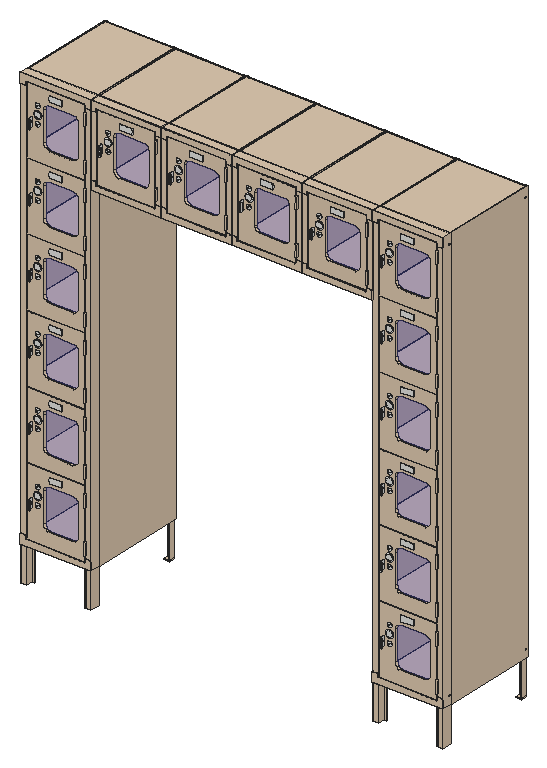
Revit family "Metal_Lockers-Salsbury_Industries-S_66000_Series-Bridge_Unit", category Specialty Equipment, Revit 2016 (continued)
Definition of nested family "Metal Locker Right Side Base"
  Types (4): name | Visible | Depth | Model | Description
    77735 Right - for 15" D Lockers with Legs | yes | 13.422" | "77735" | "1.25\"W x 6\" H x 13\"D"
    77738 Right - for 18" D Lockers with Legs | yes | 16.422" | "77738" | "1.25\"W x 6\" H x 16\"D"
    None | no | 10.422" | "" | ""
  Reference planes (in)
    plane 1 "Center (Front/Back)": y = 0
    plane 2: z = 0
    plane 3 "Center (Left/Right)": x = 5.395
    plane 4 "Floor": z = 0
    plane 5 "Top of Enclosure": z = 6
    plane 6 "Left Side of Unit": x = 4.77
    plane 7 "Right Side of Unit": x = 6.02
    plane 8 "Left Edge of Enclosure": y = -5.211
    plane 9 "Right Edge of Enclosure": y = 5.211
    plane 10 "Left Edge of Insert": y = -6.27647
    plane 11 "Right Edge of Insert": y = -5.15147
    plane 12 "Rivet Edge": x = 6.06
  Forms (in)
    Extrusion 1, solid, material <- "Primary Structure Material", visible <- "Visible"
      sketch origin (6.02, 0, 0) x (0, 0, -1) y (0, -1, 0)
        loop
          line (-6, 5.211) -> (-6, -5.211) -> (0, -5.211) -> (0, 5.211) -> (-6, 5.211)
      from 0 to 0.06
    Extrusion 2, solid, material <- "Primary Structure Material", visible <- "Visible"
      sketch origin (0, 0, 6) x (0, -1, 0) y (1, 0, 0)
        loop
          line (5.15147, 5.96) -> (5.15147, 5.9) -> (6.27647, 5.9) -> (6.27647, 5.96) -> (5.15147, 5.96)
      from -6 to 0
    Extrusion 3, solid, material <- "Primary Structure Material", visible <- "Visible"
      sketch origin (6.02, 0, 0) x (0, 0, -1) y (0, -1, 0)
        loop
          line (-6, 4.90147) -> (-6, -3.961) -> (-5.94, -3.961) -> (-5.94, 4.90147) -> (-6, 4.90147)
      from 0.06 to 1.25
    Extrusion 4, solid, material <- "Primary Structure Material", visible <- "Visible"
      sketch origin (6.02, 0, -5.94) x (0, 0, -1) y (0, -1, 0)
        loop
          line (-6, 4.90147) -> (-6, -3.961) -> (-5.94, -3.961) -> (-5.94, 4.90147) -> (-6, 4.90147)
      from 0.06 to 1.25
  Dimensions and locks (in)
    "Height": plane 5 "Top of Enclosure" to plane 4 "Floor"
    plane 10 "Left Edge of Insert" to plane 8 "Left Edge of Enclosure" to plane 11 "Right Edge of Insert" = 1.06547" locked, 0.05953" locked
    equal spacing: plane 8 "Left Edge of Enclosure", plane 1 "Center (Front/Back)", plane 9 "Right Edge of Enclosure"
    "Depth": plane 8 "Left Edge of Enclosure" to plane 9 "Right Edge of Enclosure"
    equal spacing: plane 6 "Left Side of Unit", plane 3 "Center (Left/Right)", plane 7 "Right Side of Unit"
    "Width": plane 6 "Left Side of Unit" to plane 7 "Right Side of Unit"
    locked: plane 7 "Right Side of Unit" to plane 12 "Rivet Edge" at 0.04
    "Width including Rivet": plane 6 "Left Side of Unit" to plane 12 "Rivet Edge"
    aligned and locked: level to plane 2
    aligned and locked: plane 11 "Right Edge of Insert" to Extrusion 2
    aligned and locked: plane 10 "Left Edge of Insert" to Extrusion 2
    aligned and locked: Extrusion 3 to Extrusion 1
    aligned and locked: plane 6 "Left Side of Unit" to Extrusion 3
  Automatic sketch dimensions
    plane 5 "Top of Enclosure" to Extrusion 1 sketch curve = 0.000"
    Extrusion 1 sketch curve to level = 0.000"
    Extrusion 2 sketch curve to plane 8 "Left Edge of Enclosure" = 0.05953"
    plane 7 "Right Side of Unit" to Extrusion 2 sketch curve = 0.120"
    Extrusion 2 sketch curve to Extrusion 2 sketch curve = 0.060"
    Extrusion 1 sketch curve to plane 8 "Left Edge of Enclosure" = 0.000"
    Extrusion 1 sketch curve to plane 9 "Right Edge of Enclosure" = 0.000"
    plane 10 "Left Edge of Insert" to Extrusion 2 sketch curve = 0.000"
    plane 5 "Top of Enclosure" to Extrusion 3 sketch curve = 0.000"
    Extrusion 3 sketch curve to Extrusion 3 sketch curve = 0.060"
    plane 9 "Right Edge of Enclosure" to Extrusion 3 sketch curve = 1.250"
    Extrusion 3 sketch curve to plane 11 "Right Edge of Insert" = 0.250"
    Extrusion 4 sketch curve to level = 0.000"
    level to Extrusion 4 sketch curve = 0.060"
    plane 9 "Right Edge of Enclosure" to Extrusion 4 sketch curve = 1.250"
    Extrusion 4 sketch curve to plane 11 "Right Edge of Insert" = 0.250"
Definition of nested family "Metal Locker Left Side Base"
  Parameters (values of type "77732 Left - for 12" D Lockers with Legs")
    Width including Rivet [instance] = 1.290"
    Visible = yes
    Primary Structure Material = none
    Depth = 10.422"
    Version = "1.0 (11/30/15)"
    Type Comments = "End Base for Standard Metal Lockers"
    Model = "77732"
    MasterFormat Title = ""
    MasterFormat Number = ""
    Manufacturer = "Salsbury Industries"
    Description = "1.25\"W x 6\" H x 10\"D"
    Width = 1.250"
    Height = 6.000"
    Assembly Code = ""
  Types (4): name | Visible | Depth | Model | Description
    77732 Left - for 12" D Lockers with Legs | yes | 10.422" | "77732" | "1.25\"W x 6\" H x 10\"D"
    77735 Left - for 15" D Lockers with Legs | yes | 13.422" | "77735" | "1.25\"W x 6\" H x 13\"D"
    77738 Left - for 18" D Lockers with Legs | yes | 16.422" | "77738" | "1.25\"W x 6\" H x 16\"D"
    None | no | 10.422" | "" | ""
  Reference planes (in)
    plane 1 "Center (Front/Back)": y = 0
    plane 2: z = 0
    plane 3 "Center (Left/Right)": x = 5.395
    plane 4 "Floor": z = 0
    plane 5 "Top of Enclosure": z = 6
    plane 6 "Left Side of Unit": x = 4.77
    plane 7 "Right Side of Unit": x = 6.02
    plane 8 "Left Edge of Enclosure": y = -5.211
    plane 9 "Right Edge of Enclosure": y = 5.211
    plane 10 "Left Edge of Insert": y = -6.27647
    plane 11 "Right Edge of Insert": y = -5.15147
    plane 12 "Edge of Rivet": x = 4.73
  Forms (in)
    Extrusion 1, solid, material <- "Primary Structure Material", visible <- "Visible"
      sketch origin (6.02, 0, 0) x (0, 0, -1) y (0, -1, 0)
        loop
          line (-6, 4.90147) -> (-6, -3.961) -> (-5.94, -3.961) -> (-5.94, 4.90147) -> (-6, 4.90147)
      from 0 to 1.19
    Extrusion 2, solid, material <- "Primary Structure Material", visible <- "Visible"
      sketch origin (6.02, 0, -5.94) x (0, 0, -1) y (0, -1, 0)
        loop
          line (-6, 4.90147) -> (-6, -3.961) -> (-5.94, -3.961) -> (-5.94, 4.90147) -> (-6, 4.90147)
      from 0 to 1.19
    Extrusion 3, solid, material <- "Primary Structure Material", visible <- "Visible"
      sketch origin (4.77, 0, 0) x (0, 0, -1) y (0, 1, 0)
        loop
          line (-6, -5.211) -> (0, -5.211) -> (0, 5.211) -> (-6, 5.211) -> (-6, -5.211)
      from 0 to 0.06
    Extrusion 4, solid, material <- "Primary Structure Material", visible <- "Visible"
      sketch origin (10.79, 0, 6) x (0, -1, 0) y (1, 0, 0)
        loop
          line (5.15147, -5.96) -> (6.27647, -5.96) -> (6.27647, -5.9) -> (5.15147, -5.9) -> (5.15147, -5.96)
      from -6 to 0
  Dimensions and locks (in)
    "Height": plane 5 "Top of Enclosure" to plane 4 "Floor"
    plane 10 "Left Edge of Insert" to plane 8 "Left Edge of Enclosure" to plane 11 "Right Edge of Insert" = 1.06547" locked, 0.05953" locked
    equal spacing: plane 8 "Left Edge of Enclosure", plane 1 "Center (Front/Back)", plane 9 "Right Edge of Enclosure"
    "Depth": plane 8 "Left Edge of Enclosure" to plane 9 "Right Edge of Enclosure"
    equal spacing: plane 6 "Left Side of Unit", plane 3 "Center (Left/Right)", plane 7 "Right Side of Unit"
    "Width": plane 6 "Left Side of Unit" to plane 7 "Right Side of Unit"
    "Width including Rivet": plane 12 "Edge of Rivet" to plane 7 "Right Side of Unit"
    plane 12 "Edge of Rivet" to plane 6 "Left Side of Unit" = 0.040"
    aligned and locked: level to plane 2
    aligned and locked: Extrusion 1 to Extrusion 3
    aligned and locked: Extrusion 2 to Extrusion 3
  Automatic sketch dimensions
    plane 5 "Top of Enclosure" to Extrusion 1 sketch curve = 0.000"
    Extrusion 1 sketch curve to Extrusion 1 sketch curve = 0.060"
    plane 9 "Right Edge of Enclosure" to Extrusion 1 sketch curve = 1.250"
    Extrusion 1 sketch curve to plane 11 "Right Edge of Insert" = 0.250"
    Extrusion 2 sketch curve to level = 0.000"
    level to Extrusion 2 sketch curve = 0.060"
    plane 9 "Right Edge of Enclosure" to Extrusion 2 sketch curve = 1.250"
    Extrusion 2 sketch curve to plane 11 "Right Edge of Insert" = 0.250"
    plane 5 "Top of Enclosure" to Extrusion 3 sketch curve = 0.000"
    Extrusion 3 sketch curve to level = 0.000"
    Extrusion 3 sketch curve to plane 8 "Left Edge of Enclosure" = 0.000"
    Extrusion 3 sketch curve to plane 9 "Right Edge of Enclosure" = 0.000"
    plane 11 "Right Edge of Insert" to Extrusion 4 sketch curve = 0.000"
    plane 10 "Left Edge of Insert" to Extrusion 4 sketch curve = 0.000"
    plane 6 "Left Side of Unit" to Extrusion 4 sketch curve = 0.120"
    Extrusion 4 sketch curve to Extrusion 4 sketch curve = 0.060"
Definition of nested family "Metal Locker End Panel"
  Parameters (values of type "77362 - for 6' H x 12" D Lockers")
    Width = 0.925"
    Visible = yes
    Version = "1.0 (11/30/15)"
    Type Comments = "Finished End Panel for Standard Metal Lockers"
    Primary Structure Material = none
    Model = "77362"
    MasterFormat Title = ""
    MasterFormat Number = ""
    Manufacturer = "Salsbury Industries"
    Height = 72.000"
    Description = "End Panel for 6' H x 12\" Deep Lockers"
    Depth = 12.010"
    Assembly Code = ""
  Types (7): name | Visible | Model | Height | Description | Depth
    77362 - for 6' H x 12" D Lockers | yes | "77362" | 72.000" | "End Panel for 6' H x 12\" Deep Lockers" | 12.010"
    77365 - for 6' H x 15" D Lockers | yes | "77365" | 72.000" | "End Panel for 6' H x 15\" Deep Lockers" | 15.010"
    77368 - for 6' H X 18" D Lockers | yes | "77368" | 72.000" | "End Panel for 6' H x 18\" Deep Lockers" | 18.010"
    77352 - for 5' H x 12" D Lockers | yes | "77352" | 60.000" | "End Panel for 5' H x 12\" Deep Lockers" | 12.010"
    77355 - for 5' H x 15" D Lockers | yes | "77355" | 60.000" | "End Panel for 5' H x 15\" Deep Lockers" | 15.010"
    77358 - for 5' H x 18" D Lockers | yes | "77358" | 60.000" | "End Panel for 5' H x 18\" Deep Lockers" | 18.010"
    None | no | "n/a" | 72.000" | "" | 12.010"
  Reference planes (in)
    plane 1 "Center (Front/Back)": y = -2.167
    plane 2: z = 0
    plane 3 "Center (Left/Right)": x = -4.595
    plane 4 "Bottom of Panel": z = 0
    plane 5 "Top of Panel": z = 72
    plane 6 "Front of Panel": y = -8.172
    plane 7 "Right Side of Enclosure": x = -4.1325
    plane 8 "Left Side of Enclosure": x = -5.0575
    plane 9 "Back of Panel": y = 3.838
    plane 10: z = 36
    plane 11: z = 70.283
    plane 12: z = 1.717
    plane 13 "Outside Edge of Front Flap": y = -8.23214
    plane 14 "Outside Edge of Back Flap": y = 3.898
  Forms (in)
    Extrusion 1, solid, material <- "Primary Structure Material", visible <- "Visible"
      sketch origin (-4.1325, 0.48244, 0) x (0, 0, -1) y (0, -1, 0)
        loop
          line (-72, 8.71458) -> (-72, -3.41556) -> (0, -3.41556) -> (0, 8.71458) -> (-72, 8.71458)
      from 0 to -0.06
    Extrusion 2, solid, material <- "Primary Structure Material", visible <- "Visible"
      sketch origin (0, 3.838, 0) x (0, 0, -1) y (1, 0, 0)
        loop
          line (-72, -5.0575) -> (0, -5.0575) -> (0, -4.1325) -> (-72, -4.1325) -> (-72, -5.0575)
      from 0 to -0.06
    Extrusion 3, solid, material <- "Primary Structure Material", visible <- "Visible"
      sketch origin (0, -8.172, 0) x (1, 0, 0) y (0, 0, 1)
        loop
          line (-5.0575, 70.283) -> (-5.0575, 1.717) -> (-4.1325, 1.717) -> (-4.1325, 70.283) -> (-5.0575, 70.283)
      from 0.06014 to 0
  Dimensions and locks (in)
    equal spacing: plane 6 "Front of Panel", plane 1 "Center (Front/Back)", plane 9 "Back of Panel"
    "Depth": plane 6 "Front of Panel" to plane 9 "Back of Panel"
    equal spacing: plane 8 "Left Side of Enclosure", plane 3 "Center (Left/Right)", plane 7 "Right Side of Enclosure"
    "Width": plane 8 "Left Side of Enclosure" to plane 7 "Right Side of Enclosure"
    equal spacing: plane 5 "Top of Panel", plane 10, plane 2
    "Height": plane 5 "Top of Panel" to plane 2
    locked: plane 5 "Top of Panel" to plane 11 at 1.717
    locked: plane 13 "Outside Edge of Front Flap" to plane 6 "Front of Panel" at 0.06014
    locked: plane 9 "Back of Panel" to plane 14 "Outside Edge of Back Flap" at 0.06
    aligned and locked: level to plane 2
    aligned and locked: plane 5 "Top of Panel" to Extrusion 1 sketch curve
    aligned and locked: plane 5 "Top of Panel" to Extrusion 2 sketch curve
    aligned and locked: Extrusion 2 to plane 9 "Back of Panel"
    aligned and locked: plane 11 to Extrusion 3 sketch curve
    aligned and locked: plane 6 "Front of Panel" to Extrusion 3
    aligned and locked: plane 14 "Outside Edge of Back Flap" to Extrusion 2
    aligned and locked: Extrusion 1 to plane 14 "Outside Edge of Back Flap"
    aligned and locked: plane 13 "Outside Edge of Front Flap" to Extrusion 3
    aligned and locked: Extrusion 2 to plane 7 "Right Side of Enclosure"
    aligned and locked: Extrusion 3 to plane 7 "Right Side of Enclosure"
  Automatic sketch dimensions
    Extrusion 1 sketch curve to level = 0.000"
    Extrusion 2 sketch curve to level = 0.000"
    plane 8 "Left Side of Enclosure" to Extrusion 2 sketch curve = 0.000"
    plane 7 "Right Side of Enclosure" to Extrusion 2 sketch curve = 0.000"
    plane 8 "Left Side of Enclosure" to Extrusion 3 sketch curve = 0.000"
    Extrusion 3 sketch curve to plane 12 = 0.000"
    plane 7 "Right Side of Enclosure" to Extrusion 3 sketch curve = 0.000"
    Extrusion 1 sketch curve to plane 14 "Outside Edge of Back Flap" = 0.000"
    plane 6 "Front of Panel" to Extrusion 1 sketch curve = 0.06014"
Definition of nested family "Metal Locker Front Filler"
  Parameters (values of type "77869 - for 6' H Lockers (Zee Base or No Legs)")
    Width = 9.000"
    Visible = yes
    Version = "1.0 (11/30/15)"
    Type Comments = "Vertical Front Filler for Standard Metal Lockers"
    Primary Structure Material = none
    Model = "77865"
    MasterFormat Title = ""
    MasterFormat Number = ""
    Manufacturer = "Salsbury Industries"
    Height = 72.000"
    Description = "9\" W Vertical Front Filler for 6' H Lockers"
    Depth = 1.500"
    Assembly Code = ""
  Types (9): name | Width | Visible | Model | Height | Description | Depth
    77865 - for 6' H Lockers with Legs | 15.000" | yes | "77865" | 78.000" | "15\" W Vertical Front Filler for 6' H Lockers" | 1.000"
    77869 - for 6' H Lockers with Legs | 9.000" | yes | "77865" | 78.000" | "9\" W Vertical Front Filler for 6' H Lockers" | 1.000"
    77855 - for 5' H Lockers with Legs | 15.000" | yes | "77855" | 66.000" | "15\" W Vertical Front Filler for 5' H Lockers" | 1.000"
    77859 - for 5' H Lockers with Legs | 9.000" | yes | "77859" | 66.000" | "9\" W Vertical Front Filler for 5' H Lockers" | 1.000"
    None | 15.000" | no | "n/a" | 78.000" | "" | 1.500"
    77865 - for 6' H Lockers (Zee Base or No Legs) | 15.000" | yes | "77865" | 72.000" | "15\" W Vertical Front Filler for 6' H Lockers" | 1.000"
    77869 - for 6' H Lockers (Zee Base or No Legs) | 9.000" | yes | "77865" | 72.000" | "9\" W Vertical Front Filler for 6' H Lockers" | 1.500"
    77859 - for 5' H Lockers (Zee Base or No Legs) | 9.000" | yes | "77859" | 60.000" | "9\" W Vertical Front Filler for 5' H Lockers" | 1.000"
    77855 - for 5' H Lockers (Zee Base or No Legs) | 15.000" | yes | "77855" | 60.000" | "15\" W Vertical Front Filler for 5' H Lockers" | 1.000"
  Reference planes (in)
    plane 1 "Center (Front/Back)": y = -2.167
    plane 2: z = 0
    plane 3 "Center (Left/Right)": x = -4.595
    plane 4 "Bottom of Filler": z = 0
    plane 5 "Top of Panel": z = 72
    plane 6 "Front of Filler": y = -2.917
    plane 7 "Right Side of Filler": x = -0.095
    plane 8 "Left Side of Filler": x = -9.095
    plane 9 "Back of Filler": y = -1.417
    plane 10: z = 36
  Forms (in)
    Extrusion 1, solid, material <- "Primary Structure Material", visible <- "Visible"
      sketch origin (0, 0, 0) x (0, -1, 0) y (1, 0, 0)
        loop
          line (1.417, -9.095) -> (2.917, -9.095) -> (2.917, -1.095) -> (2.869, -1.095) -> (2.869, -9.047) -> (1.417, -9.047) -> (1.417, -9.095)
      from 0 to 72
    Extrusion 2, solid, material <- "Primary Structure Material", visible <- "Visible"
      sketch origin (0, -0.20425, 0) x (0, -1, 0) y (1, 0, 0)
        loop
          line (1.30875, -0.095) -> (1.30875, -0.143) -> (2.76075, -0.143) -> (2.76075, -1.595) -> (2.80875, -1.595) -> (2.80875, -0.095) -> (1.30875, -0.095)
      from 0 to 72
    Extrusion 3, solid, material <- "Primary Structure Material", visible <- "Visible"
      sketch origin (0, 0.10825, 0) x (0, -1, 0) y (1, 0, 0)
        loop
          line (3.07325, -1.595) -> (3.07325, -0.82524) -> (3.02525, -0.82524) -> (3.02525, -1.376) -> (3.02525, -1.449) -> (3.02525, -1.522) -> (3.02525, -1.595) -> (3.07325, -1.595)
      from 0 to 72
    Extrusion 4, solid, material <- "Primary Structure Material", visible <- "Visible"
      sketch origin (0, 0, 0) x (0, -1, 0) y (1, 0, 0)
        loop
          line (2.917, -0.82524) -> (2.821, -0.82524) -> (2.821, -1.80024) -> (2.869, -1.80024) -> (2.869, -0.87324) -> (2.917, -0.87324) -> (2.917, -0.82524)
      from 0 to 72
  Dimensions and locks (in)
    equal spacing: plane 6 "Front of Filler", plane 1 "Center (Front/Back)", plane 9 "Back of Filler"
    "Depth": plane 6 "Front of Filler" to plane 9 "Back of Filler"
    equal spacing: plane 8 "Left Side of Filler", plane 3 "Center (Left/Right)", plane 7 "Right Side of Filler"
    "Width": plane 8 "Left Side of Filler" to plane 7 "Right Side of Filler"
    equal spacing: plane 5 "Top of Panel", plane 10, plane 2
    "Height": plane 5 "Top of Panel" to plane 2
    aligned and locked: level to plane 2
    aligned and locked: Extrusion 1 to plane 5 "Top of Panel"
    aligned and locked: Extrusion 2 to plane 5 "Top of Panel"
    aligned and locked: Extrusion 3 to plane 5 "Top of Panel"
    aligned and locked: Extrusion 4 to plane 5 "Top of Panel"
  Automatic sketch dimensions
    plane 9 "Back of Filler" to Extrusion 1 sketch curve = 0.000"
    plane 6 "Front of Filler" to Extrusion 1 sketch curve = 0.000"
    Extrusion 1 sketch curve to plane 8 "Left Side of Filler" = 0.000"
    Extrusion 1 sketch curve to plane 6 "Front of Filler" = 0.048"
    Extrusion 1 sketch curve to Extrusion 1 sketch curve = 0.048"
    plane 7 "Right Side of Filler" to Extrusion 1 sketch curve = 1.000"
    Extrusion 2 sketch curve to plane 7 "Right Side of Filler" = 0.000"
    plane 7 "Right Side of Filler" to Extrusion 2 sketch curve = 0.048"
    plane 9 "Back of Filler" to Extrusion 2 sketch curve = 0.096"
    plane 6 "Front of Filler" to Extrusion 2 sketch curve = 0.048"
    Extrusion 2 sketch curve to Extrusion 2 sketch curve = 0.048"
    Extrusion 2 sketch curve to Extrusion 2 sketch curve = 1.452"
    plane 6 "Front of Filler" to Extrusion 3 sketch curve = 0.000"
    plane 7 "Right Side of Filler" to Extrusion 3 sketch curve = 1.500"
    Extrusion 3 sketch curve to Extrusion 3 sketch curve = 0.073"  (x3)
    Extrusion 3 sketch curve to Extrusion 3 sketch curve = 0.55076"
    Extrusion 3 sketch curve to Extrusion 3 sketch curve = 0.048"
    plane 6 "Front of Filler" to Extrusion 4 sketch curve = 0.000"
    Extrusion 4 sketch curve to plane 6 "Front of Filler" = 0.048"
    Extrusion 4 sketch curve to Extrusion 4 sketch curve = 0.048"  (x2)
    plane 7 "Right Side of Filler" to Extrusion 4 sketch curve = 1.70524"
    plane 7 "Right Side of Filler" to Extrusion 4 sketch curve = 0.77824"
Definition of nested family "Metal Locker Flat Top Filler"
  Parameters (values of type "77842 - for 12" Deep Lockers (15" W)")
    Width = 16.250"
    Visible = yes
    Version = "1.0 (11/30/15)"
    Type Comments = "Flat Top Filler for Standard Metal Lockers"
    Primary Structure Material = none
    Model = "77842"
    MasterFormat Title = ""
    MasterFormat Number = ""
    Manufacturer = "Salsbury Industries"
    Height = 1.003"
    Description = "15\"W Flat Top In-Line Filler"
    Depth = 12.118"
    Assembly Code = ""
  Types (7): name | Width | Visible | Model | Depth
    77842 - for 12" Deep Lockers (15" W) | 16.250" | yes | "77842" | 12.118"
    77842 - for 12" Deep Lockers (9" W) | 10.250" | yes | "77842" | 12.118"
    77845 - for 15" Deep Lockers (15" W) | 16.250" | yes | "77845" | 15.118"
    77845 - for 15" Deep Lockers (9" W) | 10.250" | yes | "77845" | 15.118"
    77848 - for 18" Deep Lockers (15" W) | 16.250" | yes | "77848" | 18.118"
    77848 - for 18" Deep Lockers (9" W) | 10.250" | yes | "77848" | 18.118"
    None | 16.250" | no | "" | 12.118"
  Reference planes (in)
    plane 1 "Center (Front/Back)": y = -2.167
    plane 2: z = 0
    plane 3 "Center (Left/Right)": x = -4.595
    plane 4 "Bottom of Panel": z = 0
    plane 5 "Top of Panel": z = 1.003
    plane 6 "Front of Panel": y = -8.226
    plane 7 "Right Side of Enclosure": x = 3.53
    plane 8 "Left Side of Enclosure": x = -12.72
    plane 9 "Back of Panel": y = 3.892
    plane 10: z = 0.5015
  Forms (in)
    Extrusion 1, solid, material <- "Primary Structure Material", visible <- "Visible"
      sketch origin (-4.595, 0, 0) x (0, 1, 0) y (0, 0, 1)
        loop
          line (-8.226, 0) -> (-8.178, 0) -> (-8.178, 0.955) -> (3.892, 0.955) -> (3.892, 1.003) -> (-8.226, 1.003) -> (-8.226, 0)
      from -8.125 to 8.125
  Dimensions and locks (in)
    equal spacing: plane 6 "Front of Panel", plane 1 "Center (Front/Back)", plane 9 "Back of Panel"
    "Depth": plane 6 "Front of Panel" to plane 9 "Back of Panel"
    equal spacing: plane 8 "Left Side of Enclosure", plane 3 "Center (Left/Right)", plane 7 "Right Side of Enclosure"
    "Width": plane 8 "Left Side of Enclosure" to plane 7 "Right Side of Enclosure"
    equal spacing: plane 5 "Top of Panel", plane 10, plane 2
    "Height": plane 5 "Top of Panel" to plane 2
    aligned and locked: level to plane 2
    aligned and locked: Extrusion 1 to plane 7 "Right Side of Enclosure"
    aligned and locked: plane 8 "Left Side of Enclosure" to Extrusion 1
    aligned and locked: plane 6 "Front of Panel" to Extrusion 1
    aligned and locked: Extrusion 1 to plane 9 "Back of Panel"
  Automatic sketch dimensions
    plane 5 "Top of Panel" to Extrusion 1 sketch curve = 0.000"
    Extrusion 1 sketch curve to plane 6 "Front of Panel" = 0.000"
    Extrusion 1 sketch curve to level = 0.000"
    Extrusion 1 sketch curve to plane 9 "Back of Panel" = 0.000"
    Extrusion 1 sketch curve to plane 6 "Front of Panel" = 0.048"
    plane 5 "Top of Panel" to Extrusion 1 sketch curve = 0.048"
Definition of nested family "Metal Locker Flat Corner Filler"
  Parameters (values of type "77832 - for 12" Deep Lockers")
    Width = 12.625"
    Visible = yes
    Version = "1.0 (11/30/15)"
    Type Comments = "Flat Top Corner Filler for Standard Metal Lockers"
    Primary Structure Material = none
    Model = "77832"
    MasterFormat Title = ""
    MasterFormat Number = ""
    Manufacturer = "Salsbury Industries"
    Height = 0.048"
    Description = "12\"W Flat Top Corner Filler"
    Depth = 12.625"
    Assembly Code = ""
  Types (4): name | Width | Visible | Model | Description | Depth
    77832 - for 12" Deep Lockers | 12.625" | yes | "77832" | "12\"W Flat Top Corner Filler" | 12.625"
    77835 - for 15" Deep Lockers | 15.625" | yes | "77835" | "15\"W Flat Top Corner Filler" | 15.625"
    77838 - for 18" Deep Lockers | 18.625" | yes | "77838" | "18\"W Flat Top Corner Filler" | 18.625"
    None | 12.625" | no | "" | "" | 12.625"
  Reference planes (in)
    plane 1 "Center (Front/Back)": y = -2.167
    plane 2: z = 0
    plane 3 "Center (Left/Right)": x = -4.595
    plane 4 "Bottom of Panel": z = 0
    plane 5 "Top of Panel": z = 0.048
    plane 6 "Front of Panel": y = -8.4795
    plane 7 "Right Side of Enclosure": x = 1.7175
    plane 8 "Left Side of Enclosure": x = -10.9075
    plane 9 "Back of Panel": y = 4.1455
    plane 10: z = 0.024
  Forms (in)
    Extrusion 1, solid, material <- "Primary Structure Material", visible <- "Visible"
      sketch origin (0, 0, 0) x (0, -1, 0) y (1, 0, 0)
        loop
          line (7.8545, -10.9075) -> (7.8545, -10.2825) -> (8.4795, -10.2825) -> (8.4795, 1.7175) -> (-4.1455, 1.7175) -> (-4.1455, -10.9075) -> (7.8545, -10.9075)
      from 0 to 0.048
  Dimensions and locks (in)
    equal spacing: plane 6 "Front of Panel", plane 1 "Center (Front/Back)", plane 9 "Back of Panel"
    "Depth": plane 6 "Front of Panel" to plane 9 "Back of Panel"
    equal spacing: plane 8 "Left Side of Enclosure", plane 3 "Center (Left/Right)", plane 7 "Right Side of Enclosure"
    "Width": plane 8 "Left Side of Enclosure" to plane 7 "Right Side of Enclosure"
    equal spacing: plane 5 "Top of Panel", plane 10, plane 2
    "Height": plane 5 "Top of Panel" to plane 2
    aligned and locked: level to plane 2
    aligned and locked: Extrusion 1 to plane 9 "Back of Panel"
    aligned and locked: plane 6 "Front of Panel" to Extrusion 1
    aligned and locked: Extrusion 1 to plane 7 "Right Side of Enclosure"
    aligned and locked: plane 8 "Left Side of Enclosure" to Extrusion 1
  Automatic sketch dimensions
    Extrusion 1 sketch curve to plane 8 "Left Side of Enclosure" = 0.000"
    plane 9 "Back of Panel" to Extrusion 1 sketch curve = 0.000"
    plane 6 "Front of Panel" to Extrusion 1 sketch curve = 0.000"
    Extrusion 1 sketch curve to plane 7 "Right Side of Enclosure" = 0.000"
    Extrusion 1 sketch curve to plane 8 "Left Side of Enclosure" = 0.625"
    Extrusion 1 sketch curve to plane 6 "Front of Panel" = 0.625"
Definition of nested family "Metal Locker Sloping Top Filler"
  Parameters (values of type "77882 - for 12" Deep Lockers (15" W)")
    Width = 16.250"
    Visible = yes
    Version = "1.0 (11/30/15)"
    Type Comments = "Sloping Hood In-Line Filler for Standard Metal Lockers"
    Slope Angle = 28.761°
    Primary Structure Material = none
    Model = "77882"
    MasterFormat Title = ""
    MasterFormat Number = ""
    Manufacturer = "Salsbury Industries"
    Height = 1.003"
    Description = "15\"W Sloping Hood In-Line Filler"
    Depth = 12.118"
    Assembly Code = ""
  Types (7): name | Width | Visible | Type Comments | Slope Angle | Model | Description | Depth
    77882 - for 12" Deep Lockers (15" W) | 16.250" | yes | "Sloping Hood In-Line Filler for Standard Metal Lockers" | 28.761° | "77882" | "15\"W Sloping Hood In-Line Filler" | 12.118"
    77882 - for 12" Deep Lockers (9" W) | 10.250" | yes | "Sloping Hood In-Line Filler for Standard Metal Lockers" | 28.761° | "77882" | "15\"W Sloping Hood In-Line Filler" | 12.118"
    77885 - for 15" Deep Lockers (15" W) | 16.250" | yes | "Sloping Hood In-Line Filler for Standard Metal Lockers" | 29.946° | "77885" | "15\"W Sloping Hood In-Line Filler" | 15.118"
    77885 - for 15" Deep Lockers (9" W) | 10.250" | yes | "Sloping Hood In-Line Filler for Standard Metal Lockers" | 29.946° | "77885" | "15\"W Sloping Hood In-Line Filler" | 15.118"
    77888 - for 18" Deep Lockers (15" W) | 16.250" | yes | "Sloping Hood In-Line Filler for Standard Metal Lockers" | 30.723° | "77888" | "15\"W Sloping Hood In-Line Filler" | 18.118"
    77888 - for 18" Deep Lockers (9" W) | 10.250" | yes | "Sloping Hood In-Line Filler for Standard Metal Lockers" | 30.723° | "77888" | "15\"W Sloping Hood In-Line Filler" | 18.118"
    None | 16.250" | no | "Sloping Hood for Standard Metal Lockers" | 28.761° | "" | "" | 12.118"
  Reference planes (in)
    plane 1 "Center (Front/Back)": y = -2.167
    plane 2: z = 0
    plane 3 "Center (Left/Right)": x = -4.595
    plane 4 "Bottom of Panel": z = 0
    plane 5 "Top of Panel": z = 1.003
    plane 6 "Front of Panel": y = -8.226
    plane 7 "Right Side of Enclosure": x = 3.53
    plane 8 "Left Side of Enclosure": x = -12.72
    plane 9 "Back of Panel": y = 3.892
    plane 10: z = 0.5015
    plane 11: through (0, -7.6072, 0.33964) normal (0, -0.4812, 0.8766)
    plane 12: through (0, -7.72698, 0.21914) normal (0, -0.4812, 0.8766)
  Forms (in)
    Extrusion 1, solid, material <- "Primary Structure Material", visible <- "Visible"
      sketch origin (-4.595, 0, 0) x (0, 1, 0) y (0, 0, 1)
        loop
          line (3.892, 6.65119) -> (-8.226, 0) -> (-8.226, -1.028) -> (-8.178, -1.028) -> (-8.178, -0.02841) -> (3.892, 6.59643) -> (3.892, 6.65119)
      from -8.125 to 8.125
  Dimensions and locks (in)
    equal spacing: plane 6 "Front of Panel", plane 1 "Center (Front/Back)", plane 9 "Back of Panel"
    "Depth": plane 6 "Front of Panel" to plane 9 "Back of Panel"
    equal spacing: plane 8 "Left Side of Enclosure", plane 3 "Center (Left/Right)", plane 7 "Right Side of Enclosure"
    "Width": plane 8 "Left Side of Enclosure" to plane 7 "Right Side of Enclosure"
    equal spacing: plane 5 "Top of Panel", plane 10, plane 2
    "Height": plane 5 "Top of Panel" to plane 2
    locked: plane 11 to plane 12 at 0.048
    "Slope Angle": angle plane 4 "Bottom of Panel" to plane 11
    aligned and locked: level to plane 2
    aligned and locked: plane 11 to Extrusion 1 sketch curve
    aligned and locked: plane 12 to Extrusion 1 sketch curve
    aligned and locked: Extrusion 1 to plane 7 "Right Side of Enclosure"
    aligned and locked: plane 8 "Left Side of Enclosure" to Extrusion 1
  Automatic sketch dimensions
    Extrusion 1 sketch curve to plane 6 "Front of Panel" = 0.000"
    Extrusion 1 sketch curve to Extrusion 1 sketch curve = 0.99959"
    Extrusion 1 sketch curve to level = 0.02841"
    Extrusion 1 sketch curve to plane 9 "Back of Panel" = 0.000"
Definition of nested family "Metal Locker Sloping Corner Filler"
  Parameters (values of type "77872 - for 12" Deep Lockers")
    Width = 12.695"
    Visible = yes
    Version = "1.0 (11/30/15)"
    Type Comments = "Sloping Hood Corner Filler for Standard Metal Lockers"
    Slope Angle 2 = 28.761°
    Slope Angle 1 = 28.761°
    Primary Structure Material = none
    Model = "77872"
    MasterFormat Title = ""
    MasterFormat Number = ""
    Manufacturer = "Salsbury Industries"
    Height = 6.87897"
    Description = "12\"D Sloping Hood Corner Filler"
    Depth = 12.695"
    Assembly Code = ""
  Types (4): name | Width | Visible | Slope Angle 2 | Slope Angle 1 | Model | Description | Depth
    77872 - for 12" Deep Lockers | 12.695" | yes | 28.761° | 28.761° | "77872" | "12\"D Sloping Hood Corner Filler" | 12.695"
    77875 - for 15" Deep Lockers | 15.695" | yes | 29.946° | 29.946° | "77875" | "15\"D Sloping Hood Corner Filler" | 15.695"
    77878 - for 18" Deep Lockers | 18.695" | yes | 30.723° | 30.723° | "77878" | "18\"D Sloping Hood Corner Filler" | 18.695"
    None | 12.695" | no | 28.723° | 28.723° | "" | "" | 12.695"
  Reference planes (in)
    plane 1 "Center (Front/Back)": y = -2.167
    plane 2: z = 0
    plane 3 "Center (Left/Right)": x = -4.595
    plane 4 "Bottom of Panel": z = 0
    plane 5 "Top of Panel": z = 6.87897
    plane 6 "Front of Panel": y = -8.5145
    plane 7 "Right Side of Enclosure": x = 1.7525
    plane 8 "Left Side of Enclosure": x = -10.9425
    plane 9 "Back of Panel": y = 4.1805
    plane 10 "Center Top/Bottom": z = 3.43948
    plane 11 "Slope 1": through (0, -7.42276, 0.59922) normal (0, -0.4812, 0.8766)
    plane 12: through (0, -7.54254, 0.47872) normal (0, -0.4812, 0.8766)
    plane 13 "Diagonal Plane": through (-10.86131, 4.09969, 48) normal (0.7071, 0.7071, 0)
    plane 14 "Cutout Plane 1": y = -7.8895
    plane 15 "Cutout Plane 2": x = 1.1275
    plane 16 "Slope 2": through (1.43902, -180, 0.17206) normal (-0.4812, 0, -0.8766)
    plane 17: through (5.04554, -180, -1.86199) normal (-0.4812, 0, -0.8766)
  Forms (in)
    Extrusion 1, solid, material <- "Primary Structure Material", visible <- "Visible"
      sketch origin (-4.595, 0, 0) x (0, 1, 0) y (0, 0, 1)
        loop
          line (-7.8895, 0.28829) -> (4.1805, 6.91313) -> (4.1805, 6.96789) -> (-7.8895, 0.34304) -> (-7.8895, 0.28829)
      from -6.3475 to 6.3475
    Extrusion 2, void
      sketch origin (0, 0, 3.43948) x (1, 0, 0) y (0, 1, 0)
        loop
          line (1.75288, -8.5145) -> (-10.9425, 4.18088) -> (-10.9425, -8.5145) -> (1.75288, -8.5145)
      from -3.43948 to 8.2673
    Extrusion 3, solid, material <- "Primary Structure Material", visible <- "Visible"
      sketch origin (0, -2.167, 0) x (1, 0, 0) y (0, 0, 1)
        loop
          line (1.1275, 0.2885) -> (1.1275, 0.34304) -> (-10.9425, 6.96789) -> (-10.9425, 6.91334) -> (1.1275, 0.2885)
      from -6.3475 to 6.3475
    Extrusion 4, void
      sketch origin (-4.595, 0, 0) x (0, 1, 0) y (0, 0, 1)
        loop
          line (4.1805, 0) -> (4.1805, 6.91313) -> (-8.41474, 0) -> (4.1805, 0)
      from -6.3475 to 6.3475
    Extrusion 5, solid, not visible
      sketch origin (1.1275, 0, 0) x (0, -1, 0) y (0, 0, 1)
        loop
          line (8.60982, 0.2885) -> (7.8895, 0.2885) -> (7.8895, 0) -> (8.60982, 0) -> (8.60982, 0.2885)
      from -0.72026 to 0
  Cuts and joins
    Extrusion 2, Extrusion 4 cuts Extrusion 1
    Extrusion 4 cuts Extrusion 3
  Dimensions and locks (in)
    equal spacing: plane 6 "Front of Panel", plane 1 "Center (Front/Back)", plane 9 "Back of Panel"
    "Depth": plane 6 "Front of Panel" to plane 9 "Back of Panel"
    equal spacing: plane 8 "Left Side of Enclosure", plane 3 "Center (Left/Right)", plane 7 "Right Side of Enclosure"
    "Width": plane 8 "Left Side of Enclosure" to plane 7 "Right Side of Enclosure"
    equal spacing: plane 5 "Top of Panel", plane 10 "Center Top/Bottom", plane 2
    "Height": plane 5 "Top of Panel" to plane 2
    locked: plane 11 "Slope 1" to plane 12 at 0.048
    locked: plane 15 "Cutout Plane 2" to plane 7 "Right Side of Enclosure" at 0.625
    locked: plane 6 "Front of Panel" to plane 14 "Cutout Plane 1" at 0.625
    locked: plane 17 to plane 16 "Slope 2" at 0.04782
    "Slope Angle 1": angle plane 4 "Bottom of Panel" to plane 11 "Slope 1"
    "Slope Angle 2": angle plane 16 "Slope 2" to plane 4 "Bottom of Panel"
    aligned and locked: level to plane 2
    aligned and locked: Extrusion 1 sketch curve to plane 14 "Cutout Plane 1"
    aligned and locked: plane 9 "Back of Panel" to Extrusion 1 sketch curve
    aligned and locked: Extrusion 1 sketch curve to plane 11 "Slope 1"
    aligned and locked: plane 12 to Extrusion 1 sketch curve
    aligned and locked: plane 8 "Left Side of Enclosure" to Extrusion 1
    aligned and locked: Extrusion 1 to plane 7 "Right Side of Enclosure"
    aligned and locked: plane 6 "Front of Panel" to Extrusion 2 sketch curve
    aligned and locked: plane 8 "Left Side of Enclosure" to Extrusion 2 sketch curve
    aligned and locked: plane 13 "Diagonal Plane" to Extrusion 2 sketch curve
    aligned and locked: plane 4 "Bottom of Panel" to cut or joined group of Extrusion 1, Extrusion 2, Extrusion 4
    aligned and locked: Extrusion 4 sketch curve to level
    aligned and locked: Extrusion 4 sketch curve to plane 9 "Back of Panel"
    aligned and locked: plane 12 to Extrusion 4 sketch curve
    aligned and locked: Extrusion 4 to plane 7 "Right Side of Enclosure"
    aligned and locked: plane 8 "Left Side of Enclosure" to Extrusion 4
    aligned and locked: cut or joined group of Extrusion 3, Extrusion 4 to plane 15 "Cutout Plane 2"
    aligned and locked: plane 6 "Front of Panel" to cut or joined group of Extrusion 3, Extrusion 4
    aligned and locked: cut or joined group of Extrusion 3, Extrusion 4 to plane 9 "Back of Panel"
    aligned and locked: Extrusion 3 sketch curve to plane 15 "Cutout Plane 2"
    aligned and locked: Extrusion 3 sketch curve to plane 16 "Slope 2"
    aligned and locked: plane 8 "Left Side of Enclosure" to Extrusion 3 sketch curve
    aligned and locked: plane 17 to Extrusion 3 sketch curve
  Automatic sketch dimensions
    Extrusion 5 sketch curve to plane 14 "Cutout Plane 1" = 0.000"
    Extrusion 5 sketch curve to level = 0.000"
    plane 6 "Front of Panel" to Extrusion 5 sketch curve = 0.09532"
    Extrusion 5 sketch curve to Extrusion 5 sketch curve = 0.2885"
Definition of nested family "Metal Locker Sloping Hood"
  Parameters (values of type "77752 - for 12" Deep Lockers (1 Wide)")
    Width = 12.040"
    Visible = yes
    Version = "1.0 (11/30/15)"
    Type Comments = "Sloping Hood for Standard Metal Lockers"
    Slope Angle = 28.761°
    Primary Structure Material = none
    Model = "77752"
    MasterFormat Title = ""
    MasterFormat Number = ""
    Manufacturer = "Salsbury Industries"
    Height = 6.625"
    Dividing Lines = no
    Description = "12\" Deep for up to (3) 12\" Wide Lockers"
    Depth = 12.070"
    Assembly Code = ""
  Types (12): name | Width | Visible | Slope Angle | Model | Height | Dividing Lines | Description | Depth
    77752 - for 12" Deep Lockers (1 Wide) | 12.040" | yes | 28.761° | "77752" | 6.625" | no | "12\" Deep for up to (3) 12\" Wide Lockers" | 12.070"
    77752 - for 12" Deep Lockers (3 Wide) | 36.040" | yes | 28.761° | "77752" | 6.625" | yes | "12\" Deep for up to (3) 12\" Wide Lockers" | 12.070"
    77755 - for 15" Deep Lockers (1 Wide) | 12.040" | yes | 29.946° | "77755" | 8.682" | no | "15\" Deep for up to (3) 12\" Wide Lockers" | 15.070"
    77755 - for 15" Deep Lockers (3 Wide) | 36.040" | yes | 29.946° | "77755" | 8.628" | yes | "15\" Deep for up to (3) 12\" Wide Lockers" | 15.070"
    77758 - for 18" Deep Lockers (1 Wide) | 12.040" | yes | 30.723° | "77758" | 10.739" | no | "18\" Deep for up to (3) 12\" Wide Lockers" | 18.070"
    77758 - for 18" Deep Lockers (3 Wide) | 36.040" | yes | 30.723° | "77758" | 10.739" | yes | "18\" Deep for up to (3) 12\" Wide Lockers" | 18.070"
    None | 12.000" | no | 28.761° | "" | 6.625" | no | "" | 12.070"
    77765 - for 15" Deep Lockers (1 Wide) | 15.040" | yes | 29.946° | "77752" | 6.625" | no | "12\" Deep for up to (3) 12\" Wide Lockers" | 15.070"
    77768 - for 18" Deep Lockers (1 Wide) | 15.040" | yes | 30.723° | "77752" | 6.625" | no | "12\" Deep for up to (3) 12\" Wide Lockers" | 18.070"
    77765 - for 15" Deep Lockers (3 Wide) | 45.040" | yes | 29.946° | "77752" | 6.625" | yes | "12\" Deep for up to (3) 12\" Wide Lockers" | 15.070"
    77768 - for 18" Deep Lockers (3 Wide) | 45.040" | yes | 30.723° | "77752" | 6.625" | yes | "12\" Deep for up to (3) 12\" Wide Lockers" | 18.070"
    77759 - for 18" Deep Bridge Lockers | 72.040" | yes | 30.723° | "77752" | 6.625" | no | "12\" Deep for up to (3) 12\" Wide Lockers" | 18.070"
  Reference planes (in)
    plane 1 "Center (Front/Back)": y = -2.167
    plane 2: z = 0
    plane 3 "Center (Left/Right)": x = -4.595
    plane 4 "Bottom of Panel": z = 0
    plane 5 "Top of Panel": z = 6.625
    plane 6 "Front of Panel": y = -8.202
    plane 7 "Right Side of Enclosure": x = 1.425
    plane 8 "Left Side of Enclosure": x = -10.615
    plane 9 "Back of Panel": y = 3.868
    plane 10: z = 3.3125
    plane 11: through (0, -7.81601, 0.21186) normal (0, -0.4812, 0.8766)
    plane 12: through (0, -7.94397, 0.10626) normal (0, -0.4812, 0.8766)
    plane 13: y = 3.837
    plane 14: y = 3.806
    plane 15: y = 3.775
    plane 16: y = 3.37433
    plane 17 "Divider 1": x = -6.60167
    plane 18 "Divider 2": x = -2.58833
  Forms (in)
    Extrusion 1, solid, material <- "Primary Structure Material", visible <- "Visible"
      sketch origin (1.425, 0, 0) x (0, 0, -1) y (0, -1, 0)
        loop
          line (-6.62484, -3.868) -> (0, -3.868) -> (0, 8.202) -> (-6.62484, -3.868)
      from 0 to 0.031
    Extrusion 2, solid, material <- "Primary Structure Material", visible <- "Visible"
      sketch origin (1.425, 0, 0) x (0, 0, -1) y (0, -1, 0)
        loop
          line (0, -3.868) -> (0, -3.837) -> (-6.60783, -3.837) -> (-6.62484, -3.868) -> (0, -3.868)
      from 0.03098 to 0.40598
    Extrusion 3, solid, material <- "Primary Structure Material", visible <- "Visible"
      sketch origin (1.425, 0, 0) x (0, 0, -1) y (0, -1, 0)
        loop
          line (0, -3.837) -> (0, 8.13757) -> (-0.031, 8.08109) -> (-0.031, -3.837) -> (0, -3.837)
      from 0.031 to 0.80198
    Extrusion 4, solid, material <- "Primary Structure Material", visible <- "Visible"
      sketch origin (-10.615, 0, 0) x (0, 0, -1) y (0, -1, 0)
        loop
          line (-6.62484, -3.868) -> (0, -3.868) -> (0, 8.202) -> (-6.62484, -3.868)
      from 0 to -0.031
    Extrusion 5, solid, material <- "Primary Structure Material", visible <- "Visible"
      sketch origin (-10.615, 0, 0) x (0, 0, -1) y (0, -1, 0)
        loop
          line (0, -3.868) -> (0, -3.837) -> (-6.60783, -3.837) -> (-6.62484, -3.868) -> (0, -3.868)
      from -0.031 to -0.406
    Extrusion 6, solid, material <- "Primary Structure Material", visible <- "Visible"
      sketch origin (-10.615, 0, 0) x (0, 0, -1) y (0, -1, 0)
        loop
          line (0, -3.837) -> (0, 8.13757) -> (-0.031, 8.08109) -> (-0.031, -3.837) -> (0, -3.837)
      from -0.031 to -0.802
    Extrusion 7, solid, material <- "Primary Structure Material", visible <- "Visible"
      sketch origin (-4.595, 0, 0) x (0, 1, 0) y (0, 0, 1)
        loop
          line (3.837, 6.60783) -> (-8.202, 0) -> (-7.84238, 0) -> (-7.84238, 0.031) -> (-8.08109, 0.031) -> (3.806, 6.55545) -> (3.806, 6.21809) -> (3.837, 6.21809) -> (3.837, 6.60783)
      from -5.989 to 5.989
    Extrusion 8, solid, material <- "Primary Structure Material", visible <- "Visible"
      sketch origin (-4.595, -0.031, 0) x (0, 1, 0) y (0, 0, 1)
        loop
          line (3.837, 0.031) -> (3.837, 6.55545) -> (3.806, 6.53844) -> (3.806, 0.031) -> (3.837, 0.031)
      from -5.989 to 5.989
    Extrusion 9, solid, material <- "Primary Structure Material", visible <- "Visible"
      sketch origin (0, -0.031, 0) x (0, -1, 0) y (1, 0, 0)
        loop
          line (-3.806, -9.75653) -> (-3.40533, -9.75653) -> (-3.40533, 0.56919) -> (-3.806, 0.56919) -> (-3.806, -9.75653)
      from 0.031 to 0.06464
  Lines and regions (in)
    model lines, visible <- "Dividing Lines"
      curve 1: line (-6.60167, -8.21456, -0.0069) -> (-6.60167, 3.868, 6.62484)
      curve 2: line (-2.58833, -8.21456, -0.0069) -> (-2.58833, 3.868, 6.62484)
  Dimensions and locks (in)
    equal spacing: plane 6 "Front of Panel", plane 1 "Center (Front/Back)", plane 9 "Back of Panel"
    "Depth": plane 6 "Front of Panel" to plane 9 "Back of Panel"
    equal spacing: plane 8 "Left Side of Enclosure", plane 17 "Divider 1", plane 18 "Divider 2", plane 7 "Right Side of Enclosure"
    "Width": plane 8 "Left Side of Enclosure" to plane 7 "Right Side of Enclosure"
    equal spacing: plane 5 "Top of Panel", plane 10, plane 2
    "Height": plane 5 "Top of Panel" to plane 2
    locked: plane 11 to plane 12 at 0.031
    plane 16 to plane 15 to plane 14 to plane 13 to plane 9 "Back of Panel" = 0.40067", 0.031", 0.031", 0.031"
    equal spacing: plane 8 "Left Side of Enclosure", plane 3 "Center (Left/Right)", plane 7 "Right Side of Enclosure"
    "Slope Angle": angle plane 4 "Bottom of Panel" to plane 11
    aligned and locked: level to plane 2
    aligned and locked: Extrusion 1 to plane 9 "Back of Panel"
    aligned and locked: plane 4 "Bottom of Panel" to Extrusion 1
    aligned and locked: Extrusion 7 to Extrusion 1
    aligned and locked: Extrusion 7 to Extrusion 4
    aligned and locked: Extrusion 7 to Extrusion 8  (x2)
    aligned and locked: plane 11 to Extrusion 7 sketch curve
    aligned and locked: plane 12 to Extrusion 7 sketch curve
    aligned and locked: plane 12 to Extrusion 8 sketch curve
    aligned and locked: Extrusion 4 sketch curve to plane 11
    aligned and locked: Extrusion 1 sketch curve to plane 11
    aligned and locked: Extrusion 3 sketch curve to plane 12
    aligned and locked: Extrusion 6 sketch curve to plane 12
    aligned and locked: plane 13 to Extrusion 7
    aligned and locked: plane 14 to Extrusion 8
    aligned and locked: plane 15 to Extrusion 8
    aligned and locked: plane 16 to Extrusion 9
    aligned and locked: plane 13 to Extrusion 7 sketch curve
    aligned and locked: Extrusion 7 sketch curve to plane 14
    aligned and locked: plane 13 to Extrusion 2 sketch curve
    aligned and locked: plane 11 to Extrusion 2 sketch curve
    aligned and locked: plane 13 to Extrusion 5 sketch curve
    aligned and locked: plane 11 to Extrusion 5 sketch curve
    aligned and locked: curve 2 to plane 18 "Divider 2"
    aligned and locked: curve 1 to plane 17 "Divider 1"
  Automatic sketch dimensions
    Extrusion 7 sketch curve to level = 0.000"
    level to Extrusion 7 sketch curve = 0.031"
    Extrusion 7 sketch curve to Extrusion 7 sketch curve = 0.23871"
    Extrusion 7 sketch curve to Extrusion 7 sketch curve = 0.33736"
    Extrusion 1 sketch curve to plane 9 "Back of Panel" = 0.000"
    Extrusion 1 sketch curve to level = 0.000"
    Extrusion 2 sketch curve to plane 9 "Back of Panel" = 0.000"
    Extrusion 2 sketch curve to level = 0.000"
    Extrusion 3 sketch curve to plane 13 = 0.000"
    Extrusion 3 sketch curve to level = 0.000"
    level to Extrusion 3 sketch curve = 0.031"
    Extrusion 4 sketch curve to plane 9 "Back of Panel" = 0.000"
    Extrusion 4 sketch curve to level = 0.000"
    Extrusion 5 sketch curve to plane 9 "Back of Panel" = 0.000"
    Extrusion 5 sketch curve to level = 0.000"
    Extrusion 6 sketch curve to plane 13 = 0.000"
    Extrusion 6 sketch curve to level = 0.000"
    Extrusion 6 sketch curve to Extrusion 6 sketch curve = 0.031"
    Extrusion 8 sketch curve to plane 15 = 0.000"
    Extrusion 8 sketch curve to plane 14 = 0.000"
    level to Extrusion 8 sketch curve = 0.031"
    plane 15 to Extrusion 9 sketch curve = 0.000"
    plane 16 to Extrusion 9 sketch curve = 0.000"
    Extrusion 9 sketch curve to plane 8 "Left Side of Enclosure" = 0.85847"
    plane 7 "Right Side of Enclosure" to Extrusion 9 sketch curve = 0.85581"
    curve 1 to plane 9 "Back of Panel" = 0.000"
    plane 11 to curve 1 = 0.000"
    curve 1 to plane 11 = 0.000"
    curve 1 to level = 0.0069"
    curve 2 to plane 9 "Back of Panel" = 0.000"
    plane 11 to curve 2 = 0.000"
    curve 2 to plane 11 = 0.000"
    curve 2 to level = 0.0069"
Definition of nested family "Metal Locker Zee Base"
  Parameters (values of type "77578 - 12"W x 18" D (Bridge)")
    Width = 12.007"
    Visible = yes
    Version = "1.0 (11/30/15)"
    Type Comments = "Zee Base Kit for Standard Metal Lockers - No Legs"
    Primary Structure Material = none
    Model = "77578"
    MasterFormat Title = ""
    MasterFormat Number = ""
    Manufacturer = "Salsbury Industries"
    Description = "4\" H x 6' L - for 12\" Deep Lockers (Includes 6 Foot Front Base, 2 End Bases, Corner Splicer and 4 Rear Legs)"
    Depth = 18.010"
    Height = 4.000"
    Assembly Code = ""
  Types (7): name | Width | Visible | Model | Depth
    77572- 12" W x 12" D | 12.040" | yes | "77572" | 12.010"
    77575 - 12" W x 15" D | 12.040" | yes | "77575" | 15.010"
    77578 - 12"W x 18"D | 12.040" | yes | "77578" | 18.010"
    77575 - 15"W x 15"D | 15.040" | yes | "77575" | 15.010"
    77578 - 15"W x 18"D | 15.040" | yes | "77578" | 18.010"
    None | 12.040" | no | "77572" | 12.010"
    77578 - 12"W x 18" D (Bridge) | 12.007" | yes | "77578" | 18.010"
  Reference planes (in)
    plane 1 "Center (Front/Back)": y = 0
    plane 2: z = 0
    plane 3 "Center (Left/Right)": x = 0
    plane 4 "Floor": z = 0
    plane 5 "Bottom of Unit": z = 4
    plane 6 "Left Side of Unit": x = -6.0035
    plane 7 "Right Side of Unit": x = 6.0035
    plane 8 "Back of Unit": y = 9.005
    plane 9 "Front of Unit": y = -9.005
    plane 10 "Right Side of Door Opening": x = 5.0035
    plane 11 "Left Side of Door Opening": x = -5.0035
    plane 12 "Top of back legs": z = 4.185
    plane 13 "Back Edge of Front Facing": y = -7.417
    plane 14 "Inside Edge of Front Leg": x = -4.5635
    plane 15 "Inside Edge of Right Leg": x = 4.5635
    plane 16: y = -7.82
    plane 17 "Back Edge of Rear Legs": y = 8.895
    plane 18 "Right Edge of Rear Right Leg": x = 5.8835
    plane 19 "Left Edge or Rear Left Leg": x = -5.8835
    plane 20: y = 7.895
    plane 21 "Inside Edge or Rear Right Leg": x = 4.8835
    plane 22 "Inside Edge or Left Rear Leg": x = -4.8835
  Forms (in)
    Extrusion 1, solid, material <- "Primary Structure Material", visible <- "Visible"
      sketch origin (0, 0, 0) x (0, -1, 0) y (1, 0, 0)
        loop
          line (-8.895, 5.8835) -> (-8.895, 4.8835) -> (-8.835, 4.8835) -> (-8.835, 5.8235) -> (-7.895, 5.8235) -> (-7.895, 5.8835) -> (-8.895, 5.8835)
      from 0.06 to 4.185
    Extrusion 2, solid, material <- "Primary Structure Material", visible <- "Visible"
      sketch origin (0, 0, 0) x (0, -1, 0) y (1, 0, 0)
        loop
          line (-8.895, 5.8835) -> (-8.895, 4.8835) -> (-7.895, 4.8835) -> (-7.895, 5.8835) -> (-8.895, 5.8835)
      from 0 to 0.06
    Extrusion 3, solid, material <- "Primary Structure Material", visible <- "Visible"
      sketch origin (0, 0, 0) x (0, -1, 0) y (1, 0, 0)
        loop
          line (-8.895, -5.8835) -> (-7.895, -5.8835) -> (-7.895, -5.8235) -> (-8.835, -5.8235) -> (-8.835, -4.8835) -> (-8.895, -4.8835) -> (-8.895, -5.8835)
      from 0.06 to 4.185
    Extrusion 4, solid, material <- "Primary Structure Material", visible <- "Visible"
      sketch origin (0, 0, 0) x (0, -1, 0) y (1, 0, 0)
        loop
          line (-8.895, -5.8835) -> (-7.895, -5.8835) -> (-7.895, -4.8835) -> (-8.895, -4.8835) -> (-8.895, -5.8835)
      from 0 to 0.06
    Extrusion 5, solid, material <- "Primary Structure Material", visible <- "Visible"
      sketch origin (0, 0, 0) x (0, 1, 0) y (0, 0, 1)
        loop
          line (-9.005, 4) -> (-9.005, 3.94) -> (-7.417, 3.94) -> (-7.417, 0) -> (-5.769, 0) -> (-5.769, 0.06) -> (-7.357, 0.06) -> (-7.357, 4) -> (-9.005, 4)
      from -6.0035 to 6.0035
  Dimensions and locks (in)
    equal spacing: plane 6 "Left Side of Unit", plane 3 "Center (Left/Right)", plane 7 "Right Side of Unit"
    "Width": plane 6 "Left Side of Unit" to plane 7 "Right Side of Unit"
    "Height": plane 5 "Bottom of Unit" to plane 4 "Floor"
    equal spacing: plane 9 "Front of Unit", plane 1 "Center (Front/Back)", plane 8 "Back of Unit"
    "Depth": plane 9 "Front of Unit" to plane 8 "Back of Unit"
    plane 12 "Top of back legs" to plane 5 "Bottom of Unit" = 0.185"
    plane 6 "Left Side of Unit" to plane 11 "Left Side of Door Opening" = 1.000"
    plane 10 "Right Side of Door Opening" to plane 7 "Right Side of Unit" = 1.000"
    locked: plane 9 "Front of Unit" to plane 13 "Back Edge of Front Facing" at 1.588
    plane 11 "Left Side of Door Opening" to plane 14 "Inside Edge of Front Leg" = 0.440"
    plane 15 "Inside Edge of Right Leg" to plane 10 "Right Side of Door Opening" = 0.440"
    plane 9 "Front of Unit" to plane 16 = 1.185"
    plane 15 "Inside Edge of Right Leg" to plane 21 "Inside Edge or Rear Right Leg" to plane 10 "Right Side of Door Opening" to plane 18 "Right Edge of Rear Right Leg" to plane 7 "Right Side of Unit" = 0.320", 0.120", 0.880", 0.120"
    plane 6 "Left Side of Unit" to plane 19 "Left Edge or Rear Left Leg" to plane 11 "Left Side of Door Opening" to plane 22 "Inside Edge or Left Rear Leg" to plane 14 "Inside Edge of Front Leg" = 0.120", 0.880", 0.120", 0.320"
    plane 20 to plane 17 "Back Edge of Rear Legs" to plane 8 "Back of Unit" = 1.000", 0.110"
    aligned and locked: level to plane 2
    aligned and locked: Extrusion 1 to Extrusion 2
    aligned and locked: Extrusion 4 to Extrusion 3
    aligned and locked: Extrusion 1 to plane 18 "Right Edge of Rear Right Leg"
    aligned and locked: Extrusion 1 to plane 17 "Back Edge of Rear Legs"
    aligned and locked: Extrusion 3 to plane 19 "Left Edge or Rear Left Leg"
    aligned and locked: Extrusion 3 to plane 17 "Back Edge of Rear Legs"
    aligned and locked: Extrusion 1 to plane 12 "Top of back legs"
    aligned and locked: Extrusion 3 to plane 12 "Top of back legs"
    aligned and locked: Extrusion 5 to plane 7 "Right Side of Unit"
    aligned and locked: plane 6 "Left Side of Unit" to Extrusion 5
  Automatic sketch dimensions
    plane 17 "Back Edge of Rear Legs" to Extrusion 1 sketch curve = 0.000"
    Extrusion 1 sketch curve to plane 21 "Inside Edge or Rear Right Leg" = 0.000"
    Extrusion 1 sketch curve to plane 18 "Right Edge of Rear Right Leg" = 0.000"
    plane 20 to Extrusion 1 sketch curve = 0.000"
    plane 17 "Back Edge of Rear Legs" to Extrusion 1 sketch curve = 0.060"
    plane 18 "Right Edge of Rear Right Leg" to Extrusion 1 sketch curve = 0.060"
    plane 17 "Back Edge of Rear Legs" to Extrusion 2 sketch curve = 0.000"
    Extrusion 2 sketch curve to plane 18 "Right Edge of Rear Right Leg" = 0.000"
    plane 20 to Extrusion 2 sketch curve = 0.000"
    Extrusion 2 sketch curve to plane 21 "Inside Edge or Rear Right Leg" = 0.000"
    plane 17 "Back Edge of Rear Legs" to Extrusion 3 sketch curve = 0.000"
    Extrusion 3 sketch curve to plane 22 "Inside Edge or Left Rear Leg" = 0.000"
    Extrusion 3 sketch curve to plane 19 "Left Edge or Rear Left Leg" = 0.000"
    plane 20 to Extrusion 3 sketch curve = 0.000"
    Extrusion 3 sketch curve to plane 17 "Back Edge of Rear Legs" = 0.060"
    Extrusion 3 sketch curve to plane 19 "Left Edge or Rear Left Leg" = 0.060"
    plane 17 "Back Edge of Rear Legs" to Extrusion 4 sketch curve = 0.000"
    Extrusion 4 sketch curve to plane 19 "Left Edge or Rear Left Leg" = 0.000"
    plane 20 to Extrusion 4 sketch curve = 0.000"
    Extrusion 4 sketch curve to plane 22 "Inside Edge or Left Rear Leg" = 0.000"
    Extrusion 5 sketch curve to plane 9 "Front of Unit" = 0.000"
    Extrusion 5 sketch curve to level = 0.000"
    Extrusion 5 sketch curve to plane 13 "Back Edge of Front Facing" = 0.000"
    plane 5 "Bottom of Unit" to Extrusion 5 sketch curve = 0.000"
    Extrusion 5 sketch curve to plane 13 "Back Edge of Front Facing" = 0.060"
    Extrusion 5 sketch curve to Extrusion 5 sketch curve = 1.588"
    level to Extrusion 5 sketch curve = 0.060"
    plane 5 "Bottom of Unit" to Extrusion 5 sketch curve = 0.060"
Definition of nested family "Metal Locker Zee Base-Right Side"
  Parameters (values of type "77578 Right - 18" D")
    Width including Rivet [instance] = 1.290"
    Visible = yes
    Primary Structure Material = none
    Depth = 16.362"
    Version = "1.0 (11/30/15)"
    Type Comments = "Zee Base Kit for Standard Metal Lockers - No Legs"
    Model = "77578"
    MasterFormat Title = ""
    MasterFormat Number = ""
    Manufacturer = "Salsbury Industries"
    Description = "4\" H x 6' L - for 12\" Deep Lockers (Includes 6 Foot Front Base, 2 End Bases, Corner Splicer and 4 Rear Legs)"
    Width = 4.000"
    Height = 4.000"
    Assembly Code = ""
  Types (4): name | Visible | Depth | Type Comments | Model | Description
    77572 Right - 12" D | yes | 10.362" | "Zee Base Kit for Standard Metal Lockers - No Legs" | "77572" | "4\" H x 6' L - for 12\" Deep Lockers (Includes 6 Foot Front Base, 2 End Bases, Corner Splicer and 4 Rear Legs)"
    77575 Right - 15" D | yes | 13.362" | "Zee Base Kit for Standard Metal Lockers - No Legs" | "77575" | "4\" H x 6' L - for 12\" Deep Lockers (Includes 6 Foot Front Base, 2 End Bases, Corner Splicer and 4 Rear Legs)"
    77578 Right - 18" D | yes | 16.362" | "Zee Base Kit for Standard Metal Lockers - No Legs" | "77578" | "4\" H x 6' L - for 12\" Deep Lockers (Includes 6 Foot Front Base, 2 End Bases, Corner Splicer and 4 Rear Legs)"
    None | no | 10.362" | "End Base for Standard Metal Lockers" | "" | ""
  Reference planes (in)
    plane 1 "Center (Front/Back)": y = 0
    plane 2: z = 0
    plane 3 "Center (Left/Right)": x = 3.99
    plane 4 "Floor": z = 0
    plane 5 "Top of Enclosure": z = 4
    plane 6 "Left Edge of Insert": x = 4.77
    plane 7 "Right Side of Unit": x = 5.99
    plane 8 "Left Edge of Enclosure": y = -8.181
    plane 9 "Right Edge of Enclosure": y = 8.181
    plane 10 "Bottom Edge of Enclosure": z = 0.06
    plane 11 "Left Edge of Base": x = 1.99
  Forms (in)
    Extrusion 1, solid, material <- "Primary Structure Material", visible <- "Visible"
      sketch origin (5.99, 0, 0) x (0, 0, -1) y (0, -1, 0)
        loop
          line (-4, 6.93967) -> (-4, -6.931) -> (-3.94, -6.931) -> (-3.94, 6.93967) -> (-4, 6.93967)
      from 0.06 to 1.22
    Extrusion 2, solid, material <- "Primary Structure Material", visible <- "Visible"
      sketch origin (0, 0, 0) x (0, -1, 0) y (1, 0, 0)
        loop
          line (-8.181, 1.99) -> (-8.121, 1.99) -> (-8.121, 5.93) -> (8.121, 5.93) -> (8.121, 1.99) -> (8.181, 1.99) -> (8.181, 5.99) -> (-8.181, 5.99) -> (-8.181, 1.99)
      from 0.06 to 4
  Dimensions and locks (in)
    "Height": plane 5 "Top of Enclosure" to plane 4 "Floor"
    equal spacing: plane 8 "Left Edge of Enclosure", plane 1 "Center (Front/Back)", plane 9 "Right Edge of Enclosure"
    "Depth": plane 8 "Left Edge of Enclosure" to plane 9 "Right Edge of Enclosure"
    "Width": plane 11 "Left Edge of Base" to plane 7 "Right Side of Unit"
    equal spacing: plane 11 "Left Edge of Base", plane 3 "Center (Left/Right)", plane 7 "Right Side of Unit"
    locked: plane 4 "Floor" to plane 10 "Bottom Edge of Enclosure" at 0.06
    aligned and locked: level to plane 2
    aligned and locked: plane 6 "Left Edge of Insert" to Extrusion 1
    aligned and locked: Extrusion 2 to plane 9 "Right Edge of Enclosure"
    aligned and locked: Extrusion 2 to plane 10 "Bottom Edge of Enclosure"
    aligned and locked: plane 11 "Left Edge of Base" to Extrusion 2
  Automatic sketch dimensions
    plane 5 "Top of Enclosure" to Extrusion 1 sketch curve = 0.000"
    Extrusion 1 sketch curve to Extrusion 1 sketch curve = 0.060"
    plane 9 "Right Edge of Enclosure" to Extrusion 1 sketch curve = 1.250"
    Extrusion 1 sketch curve to plane 8 "Left Edge of Enclosure" = 1.24133"
    Extrusion 2 sketch curve to plane 7 "Right Side of Unit" = 0.000"
    plane 9 "Right Edge of Enclosure" to Extrusion 2 sketch curve = 0.000"
    plane 6 "Left Edge of Insert" to Extrusion 2 sketch curve = 2.780"  (x2)
    Extrusion 2 sketch curve to Extrusion 2 sketch curve = 0.060"
    plane 7 "Right Side of Unit" to Extrusion 2 sketch curve = 0.060"
    Extrusion 2 sketch curve to plane 8 "Left Edge of Enclosure" = 0.060"
    Extrusion 2 sketch curve to plane 8 "Left Edge of Enclosure" = 0.000"
Definition of nested family "Metal Locker Zee Base-Left Side"
  Parameters (values of type "77572 Left - 12" D")
    Width including Rivet [instance] = 1.290"
    Visible = yes
    Primary Structure Material = none
    Depth = 10.362"
    Version = "1.0 (11/30/15)"
    Type Comments = "Zee Base Kit for Standard Metal Lockers - No Legs"
    Model = "77572"
    MasterFormat Title = ""
    MasterFormat Number = ""
    Manufacturer = "Salsbury Industries"
    Description = "4\" H x 6' L - for 12\" Deep Lockers (Includes 6 Foot Front Base, 2 End Bases, Corner Splicer and 4 Rear Legs)"
    Width = 4.000"
    Height = 4.000"
    Assembly Code = ""
